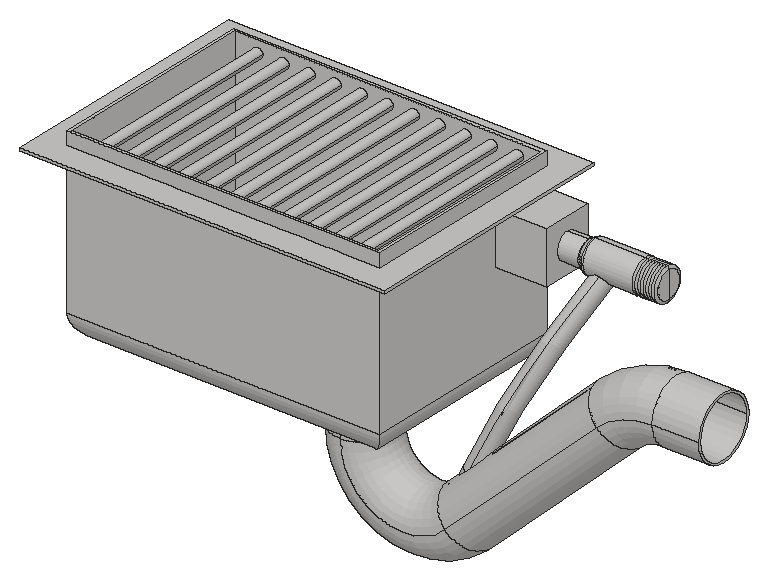
Revit family "1699-W", category Plumbing Fixtures, host Face, Revit 2016
Family settings
  Host = Face
  Part Type = Normal
  Round Connector Dimension = Use Diameter
  OmniClass Number = 23.45.05.14.31.14
  OmniClass Title = Detention Combination Toilets
  Cut with Voids When Loaded = Yes
  Shared = Yes
  Room Calculation Point = No
Parameters (values of type "1699-W")
  Width = 10"  # constant formula
  Waste Outlet Depth = 4 1/4"  # constant formula
  Waste Connection = yes
  Warranty Documentation Link = "www.acorneng.com/terms-and-conditions"
  WFU = 4  # constant formula
  W - Wall (Concealed) = yes
  Vent Connection = no
  VAC - AcornVac System = no
  URL = "http://www.acorneng.com/"
  Type Comments = ""
  TF Transformer, 120VAC to 24VAC (-MVCFV option) = no
  Product Page URL = "https://www.acorneng.com/product.aspx?ProductId=1278"
  Product Documentation Link = "https://www.acorneng.com/uploads/fileLibrary/1699.pdf"
  Model = "1699-W"  # constant formula
  Material = Metal-Acorn-Stainless Steel_Brushed
  Manufacturer = "Acorn"  # constant formula
  MVCFV - Time-Trol Electronic Flush Valve = no
  MTPPFV Master-Trol PLUS Electronic Flush Valve w/ Piezo = no
  MTPFV Master-Trol PLUS Electronic Flush Valve = no
  Length = 14"  # constant formula
  Installation Instruction Link = "https://www.acorneng.com/uploads/fileLibrary/169901.pdf"
  Inlet Extention N-C = 5"  # constant formula
  Inlet Depth = 1 7/8"  # constant formula
  Height = 12 1/2"  # constant formula
  HWFU = 3  # constant formula
  HW Connection = no
  Grid width opening = 8"  # constant formula
  Grid Length Opening = 12"  # constant formula
  FVL Flush Valve, Lever Handle (Wall Supply) = no
  FVH - Flush Valve, Hydraulic = no
  FVBO - Flush Valve by Others = no
  FV - Flush Valve, Mechanical = no
  EVSPFV Master-Trol® Electronic Flush Valve w/ Piezo Button = no
  EVSFV Master-Trol® Electronic Flush Valve = no
  Drain Extension = 10"  # constant formula
  Description = "Penal-Ware 1699 Series Detox Toilet - Blowout Jet Type - Remote Flushing"  # constant formula
  Default Elevation = 0"
  DLF - Detox Less Flange = no
  Creation Date = "6/12/2020"  # constant formula
  Connection Size = 2 3/8"  # constant formula
  Cold Water Connection Diameter = 1"  # constant formula
  CWFU = 3  # constant formula
  CW Connection = no
  Assembly Code = "D2030400"
  3.5 GPF (Not Available in California) = no
  1699 Detox Toilet with Flange = yes
  1.6 GPF (Not Available in California) = no
Reference planes
  plane 1 "Center (Front/Back)": y = 0
  plane 2: z = 0
  plane 3 "Center (Left/Right)": x = 0
  plane 4: x = -152.4
  plane 5: x = 152.4
  plane 6: y = 101.6
  plane 7: y = -101.6
  plane 8: y = 127
  plane 9: y = -127
  plane 10: x = -177.8
  plane 11: x = 177.8
  plane 12: z = -12.7
  plane 13: z = -317.5
  plane 14: z = -47.625
  plane 15: z = -107.95
  plane 16: x = 406.4
  plane 17: x = 279.4
  plane 18: x = 302.022
  plane 19: y = 63.5
  plane 20: z = -15.162
  plane 21: z = -22.225
  plane 22: z = -73.025
  plane 23: x = 203.2
  plane 24: y = 38.1
  plane 25: y = 88.9
  plane 26: x = -127
  plane 27: x = -101.6
  plane 28: x = 127
  plane 29 "Top": z = 1.588
Forms (mm)
  Sweep 1, solid, material "Metal-Acorn-Stainless Steel_Brushed" <- "Material"
    path origin (0, 0, 0) x (1, 0, 0) y (0, 1, 0)
      loop
        line (-152.4, 101.6) -> (-152.4, -101.6) -> (152.4, -101.6) -> (152.4, 101.6) -> (-152.4, 101.6)
    profile origin (0, 101.6, 0) x (0, 1, 0) y (0, 0, 1)
      loop
        line (0, 0) -> (-2.58, 0) -> (-2.58, -158.75)
        arc (-2.58, -158.75) -> (-9.264, -174.886) -> (-25.4, -181.57) r 22.82
        line (-25.4, -181.57) -> (-69.85, -181.57) -> (-69.85, -184.15) -> (-25.4, -184.15)
        arc (-25.4, -184.15) -> (-7.439, -176.711) -> (0, -158.75) r 25.4
        line (0, -158.75) -> (0, 0)
  Extrusion 2, solid, material "Metal-Acorn-Stainless Steel_Brushed" <- "Material"
    sketch origin (0, 0, -31.75) x (1, 0, 0) y (0, 1, 0)
      loop
        line (-82.55, 31.75) -> (-82.55, -31.75) -> (82.55, -31.75) -> (82.55, 31.75) -> (-82.55, 31.75)
    from -152.4 to -149.82
  Extrusion 3, solid, material "Metal-Acorn-Stainless Steel_Brushed" <- "Material"
    sketch origin (0, 0, -2.462) x (1, 0, 0) y (0, 1, 0)
      loop
        line (-177.8, 127) -> (-177.8, -127) -> (177.8, -127) -> (177.8, 127) -> (-177.8, 127)
      loop
        line (-152.4, 101.6) -> (-152.4, -101.6) -> (152.4, -101.6) -> (152.4, 101.6) -> (-152.4, 101.6)
    from -10.238 to -12.7
  Revolve 4, solid, material "Metal-Acorn-Stainless Steel_Brushed" <- "Material"
    sketch origin (-44.252, 0, -11.509) x (1, 0, 0) y (0, 1, 0)
      loop
        line (-57.348, 101.6) -> (-62.111, 101.6) -> (-62.111, -101.6) -> (-57.348, -101.6) -> (-57.348, 101.6)
      axis (-57.348, -101.6) -> (-57.348, 101.6)
    angle from 0 to 360
  Revolve 5, solid, material "Metal-Acorn-Stainless Steel_Brushed" <- "Material"
    sketch origin (-69.652, 0, -11.509) x (1, 0, 0) y (0, 1, 0)
      loop
        line (-57.348, 101.6) -> (-62.111, 101.6) -> (-62.111, -101.6) -> (-57.348, -101.6) -> (-57.348, 101.6)
      axis (-57.348, -101.6) -> (-57.348, 101.6)
    angle from 0 to 360
  Extrusion 6, solid, material "Metal-Acorn-Stainless Steel_Brushed" <- "Material"
    sketch origin (355.6, 0, -2.462) x (1, 0, 0) y (0, 0, 1)
      loop
        line (-152.4, -19.763) -> (-203.2, -19.763) -> (-203.2, -70.563) -> (-152.4, -70.563) -> (-152.4, -19.763)
    from -38.1 to -88.9
  Revolve 7, solid, material "Metal-Acorn-Stainless Steel_Brushed" <- "Material"
    sketch origin (0, 63.5, -9.635) x (1, 0, 0) y (0, 0, 1)
      loop
        line (203.2, -37.99) -> (203.2, -50.69) -> (224.008, -50.69)
        arc (224.008, -50.69) -> (224.701, -50.781) -> (225.347, -51.049) r 2.678
        line (225.347, -51.049) -> (229.504, -53.449)
        arc (229.504, -53.449) -> (230.451, -53.841) -> (231.467, -53.975) r 3.925
        line (231.467, -53.975) -> (279.343, -53.975) -> (280.715, -51.032) -> (282.087, -53.975) -> (283.459, -51.032) -> (284.775, -53.852) -> (286.09, -51.032) -> (287.462, -53.975) -> (288.834, -51.032) -> (290.149, -53.852) -> (291.464, -51.032) -> (292.836, -53.975) -> (294.209, -51.032) -> (295.524, -53.852) -> (296.839, -51.032) -> (298.154, -53.852) -> (299.469, -51.032) -> (300.784, -53.852) -> (302.022, -51.198) -> (302.022, -37.99) -> (203.2, -37.99)
      axis (302.022, -37.99) -> (203.2, -37.99)
    angle from 0 to 360
  Sweep 8, solid, material "Metal-Acorn-Stainless Steel_Brushed" <- "Material"
    path origin (0, 0, 0) x (1, 0, 0) y (0, 0, 1)
      loop
        line (56.952, -181.57) -> (56.952, -226.913)
        arc (56.952, -226.913) -> (93.603, -282.465) -> (159.095, -270.624) r 60.424
        line (159.095, -270.624) -> (306.814, -129.636)
        arc (306.814, -129.636) -> (331.788, -113.573) -> (360.945, -107.95) r 78.402
        line (360.945, -107.95) -> (406.4, -107.95)
    profile origin (56.952, 0, -181.57) x (0, -1, 0) y (1, 0, 0)
      loop
        circle (0, 0) r 30.163
      loop
        circle (0, 0) r 28.61
  Extrusion 9, void
    sketch origin (0, 0, 0) x (1, 0, 0) y (0, 1, 0)
      loop
        circle (56.952, 0) r 30.162
    from -181.57 to -184.15
  Sweep 10, solid, material "Metal-Acorn-Stainless Steel_Brushed" <- "Material"
    path origin (56.835, 0, 65.411) x (0, 1, 0) y (0.422618, 0, 0.906308)
      loop
        line (0, -292.1) -> (0, -222.25)
        arc (0, -222.25) -> (16.259, -117.658) -> (63.5, -22.936) r 344.554
    profile origin (-51.852, 0, -167.669) x (0, -1, 0) y (0.906308, 0, -0.422618)
      loop
        circle (0, 222.25) r 9.525
  Revolve 11, solid, material "Metal-Acorn-Stainless Steel_Brushed" <- "Material"
    sketch origin (-18.852, 0, -11.509) x (1, 0, 0) y (0, 1, 0)
      loop
        line (-57.348, 101.6) -> (-62.111, 101.6) -> (-62.111, -101.6) -> (-57.348, -101.6) -> (-57.348, 101.6)
      axis (-57.348, -101.6) -> (-57.348, 101.6)
    angle from 0 to 360
  Revolve 12, solid, material "Metal-Acorn-Stainless Steel_Brushed" <- "Material"
    sketch origin (6.548, 0, -11.509) x (1, 0, 0) y (0, 1, 0)
      loop
        line (-57.348, 101.6) -> (-62.111, 101.6) -> (-62.111, -101.6) -> (-57.348, -101.6) -> (-57.348, 101.6)
      axis (-57.348, -101.6) -> (-57.348, 101.6)
    angle from 0 to 360
  Revolve 13, solid, material "Metal-Acorn-Stainless Steel_Brushed" <- "Material"
    sketch origin (31.948, 0, -11.509) x (1, 0, 0) y (0, 1, 0)
      loop
        line (-57.348, 101.6) -> (-62.111, 101.6) -> (-62.111, -101.6) -> (-57.348, -101.6) -> (-57.348, 101.6)
      axis (-57.348, -101.6) -> (-57.348, 101.6)
    angle from 0 to 360
  Revolve 14, solid, material "Metal-Acorn-Stainless Steel_Brushed" <- "Material"
    sketch origin (57.348, 0, -11.509) x (1, 0, 0) y (0, 1, 0)
      loop
        line (-57.348, 101.6) -> (-62.111, 101.6) -> (-62.111, -101.6) -> (-57.348, -101.6) -> (-57.348, 101.6)
      axis (-57.348, -101.6) -> (-57.348, 101.6)
    angle from 0 to 360
  Revolve 15, solid, material "Metal-Acorn-Stainless Steel_Brushed" <- "Material"
    sketch origin (82.748, 0, -11.509) x (1, 0, 0) y (0, 1, 0)
      loop
        line (-57.348, 101.6) -> (-62.111, 101.6) -> (-62.111, -101.6) -> (-57.348, -101.6) -> (-57.348, 101.6)
      axis (-57.348, -101.6) -> (-57.348, 101.6)
    angle from 0 to 360
  Revolve 16, solid, material "Metal-Acorn-Stainless Steel_Brushed" <- "Material"
    sketch origin (108.148, 0, -11.509) x (1, 0, 0) y (0, 1, 0)
      loop
        line (-57.348, 101.6) -> (-62.111, 101.6) -> (-62.111, -101.6) -> (-57.348, -101.6) -> (-57.348, 101.6)
      axis (-57.348, -101.6) -> (-57.348, 101.6)
    angle from 0 to 360
  Revolve 17, solid, material "Metal-Acorn-Stainless Steel_Brushed" <- "Material"
    sketch origin (133.548, 0, -11.509) x (1, 0, 0) y (0, 1, 0)
      loop
        line (-57.348, 101.6) -> (-62.111, 101.6) -> (-62.111, -101.6) -> (-57.348, -101.6) -> (-57.348, 101.6)
      axis (-57.348, -101.6) -> (-57.348, 101.6)
    angle from 0 to 360
  Revolve 18, solid, material "Metal-Acorn-Stainless Steel_Brushed" <- "Material"
    sketch origin (158.948, 0, -11.509) x (1, 0, 0) y (0, 1, 0)
      loop
        line (-57.348, 101.6) -> (-62.111, 101.6) -> (-62.111, -101.6) -> (-57.348, -101.6) -> (-57.348, 101.6)
      axis (-57.348, -101.6) -> (-57.348, 101.6)
    angle from 0 to 360
  Revolve 19, solid, material "Metal-Acorn-Stainless Steel_Brushed" <- "Material"
    sketch origin (184.348, 0, -11.509) x (1, 0, 0) y (0, 1, 0)
      loop
        line (-57.348, 101.6) -> (-62.111, 101.6) -> (-62.111, -101.6) -> (-57.348, -101.6) -> (-57.348, 101.6)
      axis (-57.348, -101.6) -> (-57.348, 101.6)
    angle from 0 to 360
  Extrusion 20, void
    sketch origin (0, 0, 0) x (1, 0, 0) y (0, 1, 0)
      loop
        line (-152.4, 101.6) -> (-152.4, -101.6) -> (152.4, -101.6) -> (152.4, 101.6) -> (-152.4, 101.6)
    from -317.5 to 1.588
Cuts and joins
  Extrusion 9 cuts Sweep 1
  Extrusion 9 cuts Extrusion 2
  joined: Sweep 1, Extrusion 2, Extrusion 3, Revolve 4, Revolve 5, Extrusion 6, Revolve 7, Sweep 8, Sweep 10, Revolve 11, Revolve 12, Revolve 13, Revolve 14, Revolve 15, Revolve 16, Revolve 17, Revolve 18, Revolve 19
Lines and regions (mm)
  Masking region 1
    outline origin (0, 0, 1.588) x (0, 1, 0) y (-1, 0, 0)
      loop
        line (101.6, 152.4) -> (-101.6, 152.4) -> (-101.6, -152.4) -> (101.6, -152.4) -> (101.6, 152.4)
  symbolic lines, detail levels medium+fine
    curve 1: line (-149.82, 99.02, 1.588) -> (149.82, 99.02, 1.588)
    curve 2: line (149.82, 99.02, 1.588) -> (149.82, -99.02, 1.588)
    curve 3: line (149.82, -99.02, 1.588) -> (-149.82, -99.02, 1.588)
    curve 4: line (-149.82, -99.02, 1.588) -> (-149.82, 99.02, 1.588)
    curve 28: line (406.4, 0, 0) -> (1422.4, 0, 0)
    curve 29: line (203.2, 63.5, 0) -> (1498.6, 63.5, 0)
  symbolic lines, detail levels fine
    curve 5: line (-131.771, 99.02, 1.588) -> (-131.771, -99.02, 1.588)
    curve 6: line (-122.225, -99.02, 1.588) -> (-122.225, 99.02, 1.588)
    curve 7: line (-106.371, 99.02, 1.588) -> (-106.371, -99.02, 1.588)
    curve 8: line (-96.825, -99.02, 1.588) -> (-96.825, 99.02, 1.588)
    curve 9: line (-80.971, 99.02, 1.588) -> (-80.971, -99.02, 1.588)
    curve 10: line (-71.425, -99.02, 1.588) -> (-71.425, 99.02, 1.588)
    curve 11: line (-55.571, 99.02, 1.588) -> (-55.571, -99.02, 1.588)
    curve 12: line (-46.025, -99.02, 1.588) -> (-46.025, 99.02, 1.588)
    curve 13: line (-30.171, 99.02, 1.588) -> (-30.171, -99.02, 1.588)
    curve 14: line (-20.625, -99.02, 1.588) -> (-20.625, 99.02, 1.588)
    curve 15: line (-4.771, 99.02, 1.588) -> (-4.771, -99.02, 1.588)
    curve 16: line (4.775, -99.02, 1.588) -> (4.775, 99.02, 1.588)
    curve 17: line (20.629, 99.02, 1.588) -> (20.629, -99.02, 1.588)
    curve 18: line (30.175, -99.02, 1.588) -> (30.175, 99.02, 1.588)
    curve 19: line (46.029, 99.02, 1.588) -> (46.029, -99.02, 1.588)
    curve 20: line (55.575, -99.02, 1.588) -> (55.575, 99.02, 1.588)
    curve 21: line (71.429, 99.02, 1.588) -> (71.429, -99.02, 1.588)
    curve 22: line (80.975, -99.02, 1.588) -> (80.975, 99.02, 1.588)
    curve 23: line (96.829, 99.02, 1.588) -> (96.829, -99.02, 1.588)
    curve 24: line (106.375, -99.02, 1.588) -> (106.375, 99.02, 1.588)
    curve 25: line (122.229, 99.02, 1.588) -> (122.229, -99.02, 1.588)
    curve 26: line (131.775, -99.02, 1.588) -> (131.775, 99.02, 1.588)
  model lines, style "PlumbingFixtures"
    curve 27: line (-152.4, 101.6, 1.588) -> (-152.4, 100.806, 1.588)
Dimensions and locks
  "Width": plane 9 to plane 8
  "Length": plane 10 to plane 11
  "Grid width opening": plane 7 to plane 6
  "Grid Length Opening": plane 4 to plane 5
  level to plane 12 = 1/2"
  "Height": level to plane 13
  "Inlet Depth": level to plane 14
  "Waste Outlet Depth": level to plane 15
  "Drain Extension": plane 16 to plane 5
  "Inlet Extention N-C": plane 17 to plane 5
  plane 18 to plane 11 = 4 57/64"
  plane 1 "Center (Front/Back)" to plane 19 = 2 1/2"
  locked: plane 12 to plane 20 at 2.462
  locked: plane 21 to plane 22 at 50.8
  locked: plane 23 to plane 5 at 50.8
  equal spacing: plane 24, plane 19, plane 25
  plane 29 "Top" to level = 1/16"
  plane 29 "Top" to host face = 1/16"
  plane 16 to plane 10 = 23"
  plane 11 to plane 10 = 14"
  plane 5 to plane 4 = 12"
  plane 17 to plane 11 = 4"
  plane 27 to plane 26 = 1"
  host face to plane 14 = 1 7/8"
  curve 3 to curve 1 = 7 51/64"
  Masking region 1 to Masking region 1 = 8"
  cut or joined group 1 (Sweep 1, Extrusion 2, Extrusion 3, Revolve 4, Revolve 5, Extrusion 6, Revolve 7, Sweep 8, Extrusion 9, Sweep 10, Revolve 11, Revolve 12, Revolve 13, Revolve 14, Revolve 15, Revolve 16, Revolve 17, Revolve 18, Revolve 19) to cut or joined group 1 = 10"
  plane 16 to plane 5 = 10"
  host face to plane 15 = 4 1/4"
  host face to plane 13 = 12 1/2"
  curve 28 to curve 29 = 2 1/2"
  aligned and locked: plane 2 to host face
  aligned and locked: level to host face
  aligned and locked: Extrusion 3 to plane 20
  aligned and locked: Extrusion 6 to plane 22
  aligned and locked: plane 21 to Extrusion 6
  aligned and locked: plane 14 to Revolve 7 sketch curve
  aligned and locked: Revolve 7 sketch curve to plane 14
  aligned and locked: plane 18 to Revolve 7 sketch curve
  aligned and locked: Extrusion 6 to Revolve 7 sketch curve
  aligned and locked: plane 23 to Extrusion 6
  aligned and locked: cut or joined group 1 to Sweep 8 sketch curve
  aligned and locked: plane 24 to Extrusion 6
  aligned and locked: Extrusion 6 to plane 25
  aligned and locked: plane 13 to Extrusion 20
  aligned and locked: plane 29 "Top" to Extrusion 20
  aligned and locked: Masking region 1 sketch curve to cut or joined group 1  (x4)
  aligned and locked: curve 1 to cut or joined group 1
  aligned and locked: curve 2 to cut or joined group 1
  aligned and locked: curve 4 to cut or joined group 1
  aligned and locked: cut or joined group 1 to curve 27
Automatic sketch dimensions
  host sketch curve to host sketch curve = 96"  (x2)
  Sweep 1 sketch curve to plane 4 = 0"
  Sweep 1 sketch curve to plane 5 = 0"
  plane 7 to Sweep 1 sketch curve = 0"
  plane 6 to Sweep 1 sketch curve = 0"
  Sweep 1 sketch curve to Sweep 1 sketch curve = 0"  (x2)
  Sweep 1 sketch curve to profile plane = 0"  (x2)
  profile plane to Sweep 1 sketch curve = 13/128"
  Sweep 1 sketch curve to Sweep 1 sketch curve = 115/128"
  Sweep 1 sketch curve to Sweep 1 sketch curve = 1 3/4"
  Sweep 1 sketch curve to profile plane = 6 1/4"
  plane 9 to Extrusion 3 sketch curve = 0"
  Extrusion 3 sketch curve to plane 10 = 0"
  Extrusion 3 sketch curve to plane 4 = 0"
  Extrusion 3 sketch curve to plane 5 = 0"
  plane 8 to Extrusion 3 sketch curve = 0"
  Extrusion 3 sketch curve to plane 11 = 0"
  plane 7 to Extrusion 3 sketch curve = 0"
  plane 6 to Extrusion 3 sketch curve = 0"
  plane 6 to Revolve 4 sketch curve = 0"  (x2)
  Revolve 4 sketch curve to plane 27 = 3/16"
  plane 7 to Revolve 4 sketch curve = 0"
  plane 27 to Revolve 4 sketch curve = 0"
  Revolve 4 sketch curve to Revolve 4 sketch curve = 0"
  Revolve 4 sketch curve to plane 6 = 0.37756"
  plane 6 to Revolve 5 sketch curve = 0"  (x2)
  Revolve 5 sketch curve to plane 26 = 3/16"
  plane 7 to Revolve 5 sketch curve = 0"
  plane 26 to Revolve 5 sketch curve = 0"
  Revolve 5 sketch curve to Revolve 5 sketch curve = 0"
  Revolve 5 sketch curve to plane 6 = 0.37756"
  Sweep 8 sketch curve to plane 15 = 0"
  Sweep 8 sketch curve to plane 16 = 0"
  Sweep 8 sketch curve to plane 16 = 1.78958"
  plane 18 to Sweep 8 sketch curve = 0.18865"
  plane 5 to Sweep 8 sketch curve = 0.26357"
  Sweep 8 sketch curve to plane 5 = 1 97/256"
  plane 3 "Center (Left/Right)" to Sweep 8 sketch curve = 2 31/128"
  Sweep 8 sketch curve to plane 15 = 3.08668"
  Sweep 8 sketch curve to Sweep 8 sketch curve = 1 201/256"
  Sweep 8 sketch curve to Sweep 8 sketch curve = 0"  (x2)
  Sweep 8 sketch curve to profile plane = 0"
  profile plane to Sweep 8 sketch curve = 0"
  plane 1 "Center (Front/Back)" to Extrusion 9 sketch curve = 0"
  plane 3 "Center (Left/Right)" to Extrusion 9 sketch curve = 2 31/128"
  Sweep 10 sketch curve to plane 1 "Center (Front/Back)" = 0"
  Sweep 10 sketch curve to plane 19 = 0"
  Sweep 10 sketch curve to plane 8 = 8.56512"
  Sweep 10 sketch curve to Sweep 10 sketch curve = 2 3/4"
  Sweep 10 sketch curve to profile plane = 0"
  profile plane to Sweep 10 sketch curve = 8 3/4"
  plane 6 to Revolve 11 sketch curve = 0"  (x2)
  plane 7 to Revolve 11 sketch curve = 0"
  plane 27 to Revolve 11 sketch curve = 13/16"
  Revolve 11 sketch curve to Revolve 11 sketch curve = 3/16"
  Revolve 11 sketch curve to Revolve 11 sketch curve = 0"
  Revolve 11 sketch curve to plane 6 = 0.37756"
  plane 6 to Revolve 12 sketch curve = 0"  (x2)
  plane 7 to Revolve 12 sketch curve = 0"
  Revolve 12 sketch curve to plane 3 "Center (Left/Right)" = 2 3/16"
  Revolve 12 sketch curve to Revolve 12 sketch curve = 3/16"
  Revolve 12 sketch curve to Revolve 12 sketch curve = 0"
  Revolve 12 sketch curve to plane 6 = 0.37756"
  plane 6 to Revolve 13 sketch curve = 0"  (x2)
  plane 7 to Revolve 13 sketch curve = 0"
  Revolve 13 sketch curve to plane 3 "Center (Left/Right)" = 1 3/16"
  Revolve 13 sketch curve to Revolve 13 sketch curve = 3/16"
  Revolve 13 sketch curve to Revolve 13 sketch curve = 0"
  Revolve 13 sketch curve to plane 6 = 0.37756"
  Revolve 14 sketch curve to plane 3 "Center (Left/Right)" = 3/16"
  plane 7 to Revolve 14 sketch curve = 0"
  plane 6 to Revolve 14 sketch curve = 0"  (x2)
  Revolve 14 sketch curve to Revolve 14 sketch curve = 3/16"
  Revolve 14 sketch curve to Revolve 14 sketch curve = 0"
  Revolve 14 sketch curve to plane 6 = 0.37756"
  plane 6 to Revolve 15 sketch curve = 0"  (x2)
  plane 7 to Revolve 15 sketch curve = 0"
  plane 3 "Center (Left/Right)" to Revolve 15 sketch curve = 13/16"
  Revolve 15 sketch curve to Revolve 15 sketch curve = 3/16"
  Revolve 15 sketch curve to Revolve 15 sketch curve = 0"
  Revolve 15 sketch curve to plane 6 = 0.37756"
  plane 6 to Revolve 16 sketch curve = 0"  (x2)
  plane 7 to Revolve 16 sketch curve = 0"
  plane 3 "Center (Left/Right)" to Revolve 16 sketch curve = 1 13/16"
  Revolve 16 sketch curve to Revolve 16 sketch curve = 3/16"
  Revolve 16 sketch curve to Revolve 16 sketch curve = 0"
  Revolve 16 sketch curve to plane 6 = 0.37756"
  plane 6 to Revolve 17 sketch curve = 0"  (x2)
  plane 7 to Revolve 17 sketch curve = 0"
  plane 3 "Center (Left/Right)" to Revolve 17 sketch curve = 2 13/16"
  Revolve 17 sketch curve to Revolve 17 sketch curve = 3/16"
  Revolve 17 sketch curve to Revolve 17 sketch curve = 0"
  Revolve 17 sketch curve to plane 6 = 0.37756"
  plane 6 to Revolve 18 sketch curve = 0"  (x2)
  plane 7 to Revolve 18 sketch curve = 0"
  Revolve 18 sketch curve to plane 5 = 2 3/16"
  Revolve 18 sketch curve to Revolve 18 sketch curve = 3/16"
  Revolve 18 sketch curve to Revolve 18 sketch curve = 0"
  Revolve 18 sketch curve to plane 6 = 0.37756"
  plane 6 to Revolve 19 sketch curve = 0"  (x2)
  plane 7 to Revolve 19 sketch curve = 0"
  Revolve 19 sketch curve to plane 5 = 1 3/16"
  Revolve 19 sketch curve to Revolve 19 sketch curve = 3/16"
  Revolve 19 sketch curve to Revolve 19 sketch curve = 0"
  Revolve 19 sketch curve to plane 6 = 0.37756"
  plane 8 to Extrusion 20 sketch curve = 9"
  plane 10 to Extrusion 20 sketch curve = 1"
  plane 10 to Extrusion 20 sketch curve = 13"
  Extrusion 20 sketch curve to Extrusion 20 sketch curve = 8"
  plane 27 to Extrusion 2 sketch curve = 3/4"
  Extrusion 2 sketch curve to plane 28 = 1 3/4"
  plane 1 "Center (Front/Back)" to Extrusion 2 sketch curve = 1 1/4"
  plane 24 to Extrusion 2 sketch curve = 1/4"
  Extrusion 6 sketch curve to plane 5 = 0"
  Extrusion 6 sketch curve to plane 22 = 0"
  plane 23 to Extrusion 6 sketch curve = 0"
  Extrusion 6 sketch curve to plane 21 = 0"
  plane 22 to Revolve 7 sketch curve = 0.39458"
  Revolve 7 sketch curve to plane 23 = 0.81922"
  Revolve 7 sketch curve to Revolve 7 sketch curve = 0.05271"
  plane 22 to Revolve 7 sketch curve = 0.39138"
  Revolve 7 sketch curve to Revolve 7 sketch curve = 0.16367"
  Revolve 7 sketch curve to Revolve 7 sketch curve = 0.07727"
  Revolve 7 sketch curve to plane 17 = 0.00225"
  plane 17 to Revolve 7 sketch curve = 0.05177"
  plane 17 to Revolve 7 sketch curve = 0.1058"
  Revolve 7 sketch curve to Revolve 7 sketch curve = 0.10805"  (x3)
  Revolve 7 sketch curve to Revolve 7 sketch curve = 0.1058"  (x5)
  Revolve 7 sketch curve to Revolve 7 sketch curve = 0.10355"  (x4)
  Revolve 7 sketch curve to plane 18 = 0.10051"
  Revolve 7 sketch curve to plane 18 = 0.04874"
  plane 22 to Revolve 7 sketch curve = 0.3755"
  Revolve 7 sketch curve to Revolve 7 sketch curve = 0"  (x10)
  Revolve 7 sketch curve to Revolve 7 sketch curve = 0.00482"  (x4)
  Revolve 7 sketch curve to Revolve 7 sketch curve = 0.10452"
  Revolve 7 sketch curve to Revolve 7 sketch curve = 0.09129"
  Revolve 7 sketch curve to Revolve 7 sketch curve = 0.11103"
  Revolve 7 sketch curve to Revolve 7 sketch curve = 0.00651"
  plane 23 to Revolve 7 sketch curve = 0.18528"
  plane 11 to Revolve 7 sketch curve = 1/4"
  plane 6 to curve 27 = 0"
  curve 1 to curve 27 = 9/128"
  plane 28 to curve 26 = 0.18799"
  curve 25 to plane 28 = 0.18785"
  curve 25 to curve 24 = 0.62416"
  curve 24 to curve 23 = 0.37584"
  curve 23 to curve 22 = 0.62416"
  curve 22 to curve 21 = 0.37584"
  curve 21 to curve 20 = 0.62416"
  curve 20 to curve 19 = 0.37584"
  curve 19 to curve 18 = 0.62416"
  curve 18 to curve 17 = 0.37584"
  plane 3 "Center (Left/Right)" to curve 16 = 0.18799"
  curve 15 to plane 3 "Center (Left/Right)" = 0.18785"
  curve 15 to curve 14 = 0.62416"
  curve 14 to curve 13 = 0.37584"
  curve 13 to curve 12 = 0.62416"
  curve 12 to curve 11 = 0.37584"
  curve 11 to curve 10 = 0.62416"
  curve 10 to curve 9 = 0.37584"
  plane 27 to curve 8 = 0.18799"
  curve 7 to plane 27 = 0.18785"
  plane 26 to curve 6 = 0.18799"
  curve 5 to plane 26 = 0.18785"
  plane 19 to curve 29 = 0"
  curve 29 to plane 23 = 0"
  curve 28 to plane 16 = 0"
  curve 28 to curve 28 = 40"
  curve 28 to curve 29 = 3"
  radius of Sweep 8 sketch curve = 1 3/16"
  radius of Sweep 8 sketch curve = 1.12637"
  radius of Extrusion 9 sketch curve = 1 3/16"
  radius of Sweep 10 sketch curve = 3/8"
Connectors
  piping at (302.022, 63.5, -47.625), diameter 25.4, driven by "CWFU", driven by "Cold Water Connection Diameter"
    settings: on Revolve 7, index 1, connector inside diameter 24", connector length 0", flow factor 0, pipe flow 0 GPM, pressure drop 0.00 psi, fitting loss kfactor 0, connector angle 0.00°, fixture units 3, engagement length 0", angle of deflection 0.00°, flow configuration 3, flow direction 1, fitting loss method 0, system type 20, joint type 0, gender type 0, connector reference index -1, connector utility 0, adjustable connector no, is connector primary yes, connector description "1\" Inlet Connection"
  piping at (406.4, 0, -107.95), diameter 60.325, driven by "WFU", driven by "Connection Size"
    settings: on cut or joined group 1, index 2, connector inside diameter 24", connector length 0", flow factor 0, pipe flow 0 GPM, pressure drop 0.00 psi, fitting loss kfactor 0, connector angle 0.00°, fixture units 4, engagement length 0", angle of deflection 0.00°, flow configuration 3, flow direction 2, fitting loss method 0, system type 16, joint type 0, gender type 0, connector reference index -1, connector utility 0, adjustable connector yes, is connector primary no, connector description "2 3/8\" Waste Outlet Connection Size"
